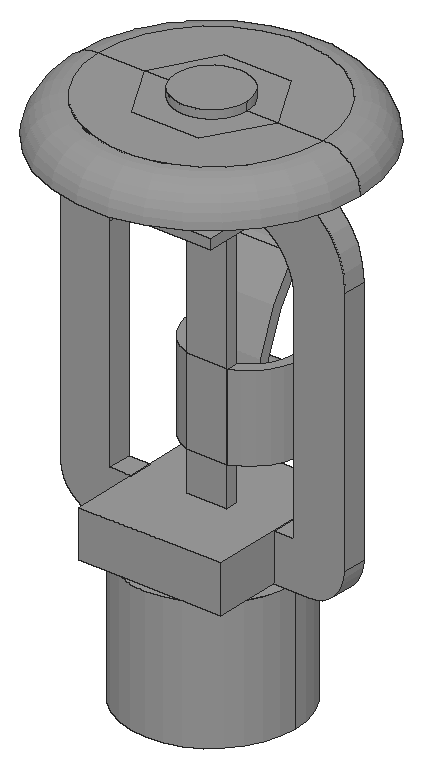
Revit family
Parameters (values of type "RASCO G UPRIGHT")
  Temperature Rating = 165 °F
  Response = (empty or 0)
  RASCO SIN # = "R1021"
  RASCO Part # = "GU13B"
  Pressure Rating = "175 PSI"
  Pressure Class = (empty or 0)
  Orifice Size = 3/8"
  Orifice = (empty or 0)
  Model = "G"
  Manufacturer = "RASCO"
  K-Factor = 2.82
  Description = "Brz. Finish"
  Coverage = (empty or 0)
Reference planes (in)
  plane 1 "Center (Front/Back)": y = 0
  plane 2: z = 0
  plane 3 "Center (Left/Right)": x = 0
Dimensions and locks (in)
  aligned and locked: plane 2 to level
Nested families (in)
  nested 1: "GU13B" at (0, 0, 0), type "RASCO G UPRIGHT"
Connectors (in)
  piping at (0, 0, 0)
    settings: on nested 1, index 1, connector radius 0.45", flow factor 0, pipe flow 0 GPM, pressure drop 0.00 psi, fitting loss kfactor 0, connector angle 0.00°, fixture units 0, flow configuration 0, flow direction 0, fitting loss method 0, system type 7, connector reference index -1, connector utility 0, adjustable connector no, is connector primary yes, fitting loss table "", connector description ""
Definition of nested family "GU13B"
  Parameters (values of type "RASCO G UPRIGHT")
    Type Comments = ""
    Temperature Rating = 0 °F
    Response = (empty or 0)
    Pressure Rating = "0"
    Pressure Class = (empty or 0)
    Orifice Size = 0"
    Orifice = (empty or 0)
    Model = ""
    Manufacturer = ""
    K-Factor = 0
    Description = ""
    Coverage = (empty or 0)
    Assembly Code = ""
  Reference planes (in)
    plane 1 "Center (Front/Back)": y = 0
    plane 2: z = 0
    plane 3 "ref.2": z = 0.6875
    plane 4 "ref.3": z = 0.9375
    plane 5: x = -0.38065
    plane 6: x = 0.36935
    plane 7 "ref. side 1": y = 0.06402
    plane 8 "ref. side 2": y = -0.06098
    plane 9 "ref.4": z = 1.875
    plane 10 "ref.5": z = 2.875
    plane 11 "center": x = -0.00574
  Forms (in)
    Extrusion 1, solid, material "Default"
      sketch origin (0, 0, 0) x (1, 0, 0) y (0, 1, 0)
        loop
          circle (0, 0) r 0.438
      from 0 to 0.6875
    Extrusion 2, solid, material "Default"
      sketch origin (-0.12185, 0.05177, 0.6875) x (1, 0, 0) y (0, 1, 0)
        loop
          line (-0.2588, 0.356) -> (-0.2588, -0.4565) -> (0.4912, -0.4565) -> (0.4912, 0.356) -> (-0.2588, 0.356)
      from 0 to 0.25
    Extrusion 3, solid, material "Default"
      sketch origin (0, 0, 0) x (1, 0, 0) y (0, 0, 1)
        loop
          line (-0.49248, 0.9375) -> (-0.49248, 2.10276)
          arc (-0.49248, 2.10276) -> (-0.40724, 2.30855) -> (-0.20145, 2.39379) r 0.29103
          line (-0.20145, 2.39379) -> (0.18108, 2.39379)
          arc (0.18108, 2.39379) -> (0.38905, 2.30765) -> (0.47519, 2.09969) r 0.29411
          line (0.47519, 2.09969) -> (0.47519, 0.9375) -> (0.36935, 0.9375) -> (0.36935, 0.6875) -> (0.55741, 0.6875)
          arc (0.55741, 0.6875) -> (0.69165, 0.7431) -> (0.74725, 0.87734) r 0.18984
          line (0.74725, 0.87734) -> (0.74725, 2.19113)
          arc (0.74725, 2.19113) -> (0.61669, 2.50631) -> (0.3015, 2.63687) r 0.44574
          line (0.3015, 2.63687) -> (-0.30719, 2.63687)
          arc (-0.30719, 2.63687) -> (-0.62225, 2.50637) -> (-0.75275, 2.19131) r 0.44556
          line (-0.75275, 2.19131) -> (-0.75275, 0.87876)
          arc (-0.75275, 0.87876) -> (-0.69673, 0.74352) -> (-0.56149, 0.6875) r 0.19126
          line (-0.56149, 0.6875) -> (-0.38065, 0.6875) -> (-0.38065, 0.9375) -> (-0.49248, 0.9375)
      from -0.06402 to 0.06098
    Extrusion 4, solid, material "Default"
      sketch origin (-0.00199, 0, 2.4375) x (-1, 0, 0) y (0, -1, 0)
        loop
          circle (0.00574, -0.00152) r 0.1875
      from -0.04371 to 0.4375
    Revolve 5, solid, material "Default"
      sketch origin (-0.0011, 0, 0.30638) x (1, 0, 0) y (0, 0, 1)
        loop
          line (-0.19255, 2.33367) -> (-0.19255, 2.52696) -> (-0.35809, 2.52696) -> (-0.59714, 2.52696)
          arc (-0.59714, 2.52696) -> (-0.73508, 2.47056) -> (-0.79397, 2.33367) r 0.19686
          line (-0.79397, 2.33367) -> (-0.19255, 2.33367)
        axis (-0.00574, 2.33367) -> (-0.00574, 2.52696)
      angle from 0 to 360
    Extrusion 6, solid, material "Default"
      sketch origin (0, 0, 0.9375) x (-1, 0, 0) y (0, -1, 0)
        loop
          line (-0.10175, -0.02852) -> (0.11324, -0.02852) -> (0.11324, 0.03101) -> (-0.10175, 0.03101) -> (-0.10175, -0.02852)
      from 0 to 1.45629
    Extrusion 7, solid, material "Default"
      sketch origin (-0.00574, -0.0095, -0.07537) x (0, 0, -1) y (0, -1, 0)
        loop
          line (-2.39379, 0.21198) -> (-2.39379, -0.229)
          arc (-2.39379, -0.229) -> (-2.26956, -0.41579) -> (-2.04926, -0.37342) r 0.20254
          arc (-2.04926, -0.37342) -> (-1.6599, -0.16721) -> (-1.22163, -0.12207) r 1.15319
          line (-1.22163, -0.12207) -> (-1.22163, -0.07087)
          arc (-1.22163, -0.07087) -> (-1.6782, -0.11947) -> (-2.0834, -0.33544) r 1.20419
          arc (-2.0834, -0.33544) -> (-2.24878, -0.36919) -> (-2.34279, -0.229) r 0.15154
          line (-2.34279, -0.229) -> (-2.34279, 0.21198) -> (-2.39379, 0.21198)
      from -0.17255 to 0.17398
    Extrusion 8, solid, material "Default"
      sketch origin (0, 0, 0) x (1, 0, 0) y (0, 1, 0)
        loop
          arc (0.23993, 0.23051) -> (0.19768, 0.11115) -> (0.10175, 0.02852) r 0.24647
          line (0.10175, 0.02852) -> (-0.11324, 0.02852)
          arc (-0.11324, 0.02852) -> (-0.21767, 0.12447) -> (-0.25194, 0.2621) r 0.24647
          line (-0.25194, 0.2621) -> (-0.25194, 0.40777) -> (-0.30719, 0.40777) -> (-0.30719, 0.25942)
          arc (-0.30719, 0.25942) -> (-0.25653, 0.08328) -> (-0.11324, -0.03101) r 0.30157
          line (-0.11324, -0.03101) -> (0.10175, -0.03101)
          arc (0.10175, -0.03101) -> (0.24461, 0.08262) -> (0.29574, 0.25785) r 0.30157
          line (0.29574, 0.25785) -> (0.29574, 0.40777) -> (0.23993, 0.40777) -> (0.23993, 0.23051)
      from 1.14626 to 1.59756
    Extrusion 9, solid, material "Default"
      sketch origin (-0.00574, -0.0095, -0.07537) x (0, 0, -1) y (0, -1, 0)
        loop
          circle (-1.44728, -0.26892) r 0.13147
      from -0.24568 to 0.24619
  Cuts and joins
    joined: Extrusion 1, Extrusion 2, Revolve 5
  Dimensions and locks (in)
    Revolve 5 sketch curve to Revolve 5 sketch curve = 0.78823"
    plane 10 "ref.5" to level = 2.875"
